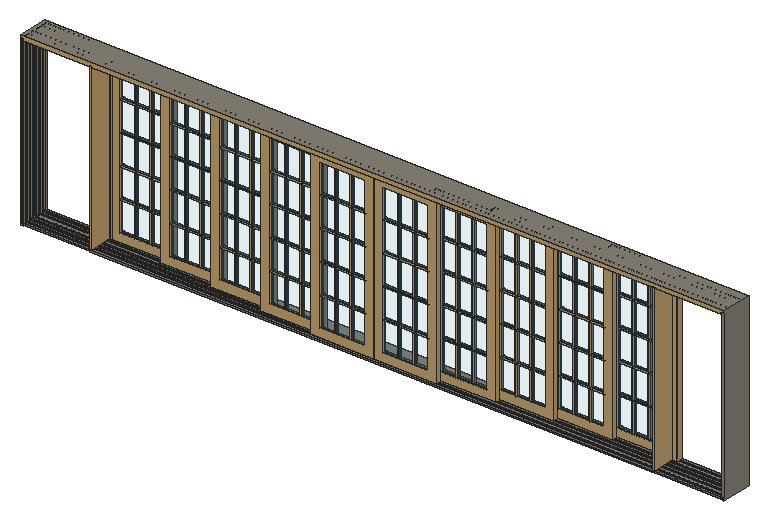
Revit family (continued)
Definition of nested family "Panel"
  Definition of nested family "Muntins"
    Forms (in)
      Extrusion 2, solid, material <- "Muntin Material", visible <- "CenterMuntinHorizontal", detail levels medium+fine
        sketch origin (-0.0013, 0, 14.6875) x (1, 0, 0) y (0, 0, 1)
          loop
            line (-12.21745, 39.25) -> (-12.21745, 38.5) -> (12.22005, 38.5) -> (12.22005, 39.25) -> (-12.21745, 39.25)
        from 0 to 0.375 <- "MuntinDepth"
      Extrusion 3, solid, material <- "Muntin Material", visible <- "VertMuntVisible", detail levels medium+fine
        sketch origin (4.92708, 0, -2.90625) x (1, 0, 0) y (0, 0, 1)
          loop
            line (-9.375, 74.25) -> (-9.375, 38.6875) -> (-8.625, 38.6875) -> (-8.625, 74.25) -> (-9.375, 74.25)
        from 0 to 0.375 <- "MuntinDepth"
      Extrusion 4, solid, material <- "Muntin Material", visible <- "HorizMuntVisible", detail levels medium+fine
        sketch origin (-3.09635, 0, 14.17708) x (1, 0, 0) y (0, 0, 1)
          loop
            line (-9.1224, 45.6875) -> (-9.1224, 44.9375) -> (15.3151, 44.9375) -> (15.3151, 45.6875) -> (-9.1224, 45.6875)
        from 0 to 0.375 <- "MuntinDepth"
      Extrusion 5, solid, material <- "Muntin Material", visible <- "HorizMuntVisible", detail levels medium+fine
        sketch origin (-3.09635, 0, 2.32292) x (1, 0, 0) y (0, 0, 1)
          loop
            line (-9.1224, 45.6875) -> (-9.1224, 44.9375) -> (15.3151, 44.9375) -> (15.3151, 45.6875) -> (-9.1224, 45.6875)
        from 0 to 0.375 <- "MuntinDepth"
      Extrusion 6, solid, material <- "Muntin Material", visible <- "VertMuntVisible", detail levels medium+fine
        sketch origin (13.07292, 0, -2.90625) x (1, 0, 0) y (0, 0, 1)
          loop
            line (-9.375, 74.25) -> (-9.375, 38.6875) -> (-8.625, 38.6875) -> (-8.625, 74.25) -> (-9.375, 74.25)
        from 0 to 0.375 <- "MuntinDepth"
      Extrusion 7, solid, material <- "Muntin Material", visible <- "PrairieMuntVisible", detail levels medium+fine
        sketch origin (1, 0, 0) x (1, 0, 0) y (0, 0, 1)
          loop
            line (-9, 71.34375) -> (-9, 35.78125) -> (-8.25, 35.78125) -> (-8.25, 71.34375) -> (-9, 71.34375)
        from 0 to 0.375 <- "MuntinDepth"
      Extrusion 8, solid, material <- "Muntin Material", visible <- "PrairieMuntVisible", detail levels medium+fine
        sketch origin (17, 0, 0) x (1, 0, 0) y (0, 0, 1)
          loop
            line (-9.75, 71.34375) -> (-9.75, 35.78125) -> (-9, 35.78125) -> (-9, 71.34375) -> (-9.75, 71.34375)
        from 0 to 0.375 <- "MuntinDepth"
      Extrusion 9, solid, material <- "Muntin Material", visible <- "PrairieMuntVisible", detail levels medium+fine
        sketch origin (-0.0013, 0, 28.25) x (1, 0, 0) y (0, 0, 1)
          loop
            line (-12.21745, 38.875) -> (-12.21745, 38.125) -> (12.22005, 38.125) -> (12.22005, 38.875) -> (-12.21745, 38.875)
        from 0 to 0.375 <- "MuntinDepth"
      Extrusion 10, solid, material <- "Muntin Material", visible <- "PrairieMuntVisible", detail levels medium+fine
        sketch origin (-0.0013, 0, 1.125) x (1, 0, 0) y (0, 0, 1)
          loop
            line (-12.21745, 39.625) -> (-12.21745, 38.875) -> (12.22005, 38.875) -> (12.22005, 39.625) -> (-12.21745, 39.625)
        from 0 to 0.375 <- "MuntinDepth"
    Cuts and joins
      joined: Extrusion 7, Extrusion 8, Extrusion 9, Extrusion 10
    Lines and regions (in)
      model lines, style "Muntins", visible <- "CenterMuntinHorizontal", detail levels coarse
        curve 1: line (-12.21875, 0, 53.5625) -> (12.21875, 0, 53.5625)
      model lines, style "Muntins", visible <- "HorizMuntVisible", detail levels coarse
        curve 2: line (-12.21875, 0, 59.48958) -> (12.21875, 0, 59.48958)
        curve 3: line (-12.21875, 0, 47.63542) -> (12.21875, 0, 47.63542)
      model lines, style "Muntins", visible <- "CenterMuntinVertical", detail levels coarse
        curve 4: line (0, 0, 71.34375) -> (0, 0, 35.78125)
      model lines, style "Muntins", visible <- "VertMuntVisible", detail levels coarse
        curve 5: line (-4.07292, 0, 71.34375) -> (-4.07292, 0, 35.78125)
        curve 6: line (4.07292, 0, 71.34375) -> (4.07292, 0, 35.78125)
      model lines, style "Muntins", visible <- "PrairieMuntVisible", detail levels coarse
        curve 7: line (-12.21875, 0, 66.75) -> (12.21875, 0, 66.75)
        curve 8: line (-12.21875, 0, 40.375) -> (12.21875, 0, 40.375)
        curve 9: line (-7.625, 0, 35.78125) -> (-7.625, 0, 71.34375)
        curve 10: line (7.625, 0, 35.78125) -> (7.625, 0, 71.34375)
    Dimensions and locks (in)
      "Inset Horiz": plane 6 to plane 7
      "Inset Horiz": plane 8 to plane 4
      equal spacing: plane 6, plane 5, plane 4
      "Height": plane 6 to plane 4
      "GlazingHeight": plane 9 to plane 10
      equal spacing: plane 9, plane 5, plane 10
      "GlazingWidth": plane 12 to plane 11
      equal spacing: plane 12, plane 3 "Center (Left/Right)", plane 11
      "MuntinWidth": Extrusion 1 sketch curve to Extrusion 1 sketch curve
      "Height": Extrusion 1 sketch curve to Extrusion 1 sketch curve
      "MuntinWidth": Extrusion 2 sketch curve to Extrusion 2 sketch curve
      "Width": Extrusion 2 sketch curve to Extrusion 2 sketch curve
      "MuntinWidth": Extrusion 3 sketch curve to Extrusion 3 sketch curve
      "Height": Extrusion 3 sketch curve to Extrusion 3 sketch curve
      "Width": plane 15 to plane 14
      equal spacing: plane 15, plane 3 "Center (Left/Right)", plane 14
      "Inset Vert": plane 13 to plane 14
      "Inset Vert": plane 15 to plane 16
      "MuntinWidth": Extrusion 4 sketch curve to Extrusion 4 sketch curve
      "Width": Extrusion 4 sketch curve to Extrusion 4 sketch curve
      "MuntinWidth": Extrusion 5 sketch curve to Extrusion 5 sketch curve
      "Width": Extrusion 5 sketch curve to Extrusion 5 sketch curve
      group 2 to group 3 = 0' - 0"  (x2)
      group 3 to group 2 = 0' - 11.85417"
      "MuntinWidth": Extrusion 6 sketch curve to Extrusion 6 sketch curve
      "Height": Extrusion 6 sketch curve to Extrusion 6 sketch curve
      group 4 to group 5 = 0' - 8.14583"
      group 4 to group 5 = 0' - 0"  (x2)
      "Prairie Corner Width": plane 19 to plane 11
      "Prairie Corner Width": plane 20 to plane 12
      "Prairie Corner Height": plane 9 to plane 17
      "Prairie Corner Height": plane 18 to plane 10
      "MuntinWidth": Extrusion 7 sketch curve to Extrusion 7 sketch curve
      "Height": Extrusion 7 sketch curve to Extrusion 7 sketch curve
      "MuntinWidth": Extrusion 8 sketch curve to Extrusion 8 sketch curve
      "Height": Extrusion 8 sketch curve to Extrusion 8 sketch curve
      "MuntinWidth": Extrusion 9 sketch curve to Extrusion 9 sketch curve
      "Width": Extrusion 9 sketch curve to Extrusion 9 sketch curve
      "MuntinWidth": Extrusion 10 sketch curve to Extrusion 10 sketch curve
      "Width": Extrusion 10 sketch curve to Extrusion 10 sketch curve
      aligned and locked: plane 6 to Extrusion 1  (x2)
      aligned and locked: Extrusion 1 to plane 4  (x3)
      aligned and locked: Extrusion 3 to plane 13  (x5)
      aligned and locked: Extrusion 3 to plane 4  (x3)
      aligned and locked: Extrusion 2 to plane 14
      aligned and locked: plane 15 to Extrusion 2
      aligned and locked: plane 6 to Extrusion 3
      aligned and locked: plane 7 to Extrusion 4
      aligned and locked: Extrusion 4 to plane 14
      aligned and locked: plane 15 to Extrusion 4
      aligned and locked: curve 1 to plane 5
      aligned and locked: plane 14 to curve 1
      aligned and locked: plane 15 to curve 1
      aligned and locked: Extrusion 5 to plane 14
      aligned and locked: Extrusion 5 to plane 8
      aligned and locked: plane 15 to Extrusion 5
      aligned and locked: Extrusion 5 to curve 3  (x2)
      aligned and locked: Extrusion 4 to curve 2  (x2)
      aligned and locked: curve 4 to plane 3 "Center (Left/Right)"
      aligned and locked: Extrusion 1 to curve 4  (x2)
      aligned and locked: Extrusion 3 to curve 5  (x2)
      aligned and locked: Extrusion 6 to curve 6  (x2)
      aligned and locked: Extrusion 6 to plane 16
      aligned and locked: plane 6 to Extrusion 6
      aligned and locked: plane 6 to curve 6
      aligned and locked: Extrusion 6 to plane 4
      aligned and locked: plane 4 to curve 6
      aligned and locked: cut or joined group of Extrusion 7, Extrusion 8, Extrusion 9, Extrusion 10 to plane 19
      aligned and locked: plane 20 to cut or joined group of Extrusion 7, Extrusion 8, Extrusion 9, Extrusion 10
      aligned and locked: plane 17 to cut or joined group of Extrusion 7, Extrusion 8, Extrusion 9, Extrusion 10
      aligned and locked: cut or joined group of Extrusion 7, Extrusion 8, Extrusion 9, Extrusion 10 to plane 18
      aligned and locked: cut or joined group of Extrusion 7, Extrusion 8, Extrusion 9, Extrusion 10 to curve 7  (x2)
      aligned and locked: cut or joined group of Extrusion 7, Extrusion 8, Extrusion 9, Extrusion 10 to curve 8  (x2)
      aligned and locked: cut or joined group of Extrusion 7, Extrusion 8, Extrusion 9, Extrusion 10 to curve 9  (x2)
      aligned and locked: cut or joined group of Extrusion 7, Extrusion 8, Extrusion 9, Extrusion 10 to curve 10  (x2)
    Automatic sketch dimensions
      Extrusion 1 sketch curve to plane 4 = 0' - 0"
      Extrusion 1 sketch curve to plane 3 "Center (Left/Right)" = 0' - 0 3/8"
      Extrusion 2 sketch curve to plane 14 = 0' - 0"
      Extrusion 2 sketch curve to plane 5 = 0' - 0 3/8"
      Extrusion 7 sketch curve to plane 4 = 0' - 0"
      Extrusion 7 sketch curve to plane 19 = 0' - 0"
      Extrusion 8 sketch curve to plane 4 = 0' - 0"
      Extrusion 8 sketch curve to plane 20 = 0' - 0 3/4"
      Extrusion 9 sketch curve to plane 14 = 0' - 0"
      Extrusion 9 sketch curve to plane 17 = 0' - 0 3/4"
      Extrusion 10 sketch curve to plane 14 = 0' - 0"
      Extrusion 10 sketch curve to plane 18 = 0' - 0"
      plane 19 to curve 9 = 0' - 0 3/8"
      curve 10 to plane 20 = 0' - 0 3/8"
      plane 18 to curve 8 = 0' - 0 3/8"
      curve 7 to plane 17 = 0' - 0 3/8"
  Definition of nested family "Sliding Arrow"
    Reference planes (in)
      plane 1 "Center (Front/Back)": y = 0
      plane 2: z = 0
      plane 3 "Center (Left/Right)": x = 0
    Lines and regions (in)
      detail lines, in view "Ref. Level"
        curve 1: line (0, 1.5, 0) -> (0, -1.5, 0)
        curve 2: line (0, 1.5, 0) -> (2.59808, 0, 0)
        curve 3: line (2.59808, 0, 0) -> (0, -1.5, 0)
Definition of nested family "Label Annotation 1-16 w5"
  Parameters
    Label = ""
    Egress Info = "EGRESS WDW"
    Description = "3664 FIXED"
  Reference planes (in)
    plane 1: y = 0
    plane 2: x = 0
  Text (in)
    label "Description" at (0.00375, -0.00345, 0), shows "Description"
Definition of nested family "Door_Section_Detail"
  Parameters (values of type "Door_Section_Detail")
    Performance Sill = yes
    Panel Height = Height - 0' 2 7/32"  # 7' - 8 1/2"
    Panel 6 = yes
    Panel 5 = yes
    Panel 4 = yes
    Panel 3 = yes
    Panel 2 = yes
    Jamb Depth = 1' - 7 61/64"
    Height = 7' - 10 23/32"
    Flush Sill = no
    Assembly Code = ""
  Reference planes (in)
    plane 1 "Bottom": y = 0
    plane 2: z = 0
    plane 3 "Center (Left/Right)": x = 0.71875
    plane 4: y = 94.71875
    plane 5: x = 19.57812
    plane 6: x = -0.375
  Dimensions and locks (in)
    "Height": plane 4 to plane 1 "Bottom"
    "Jamb Depth": plane 6 to plane 5
    locked: plane 3 "Center (Left/Right)" to nested 2 at 0.375
    locked: plane 1 "Bottom" to nested 2 at 1.21875
    locked: plane 6 to plane 3 "Center (Left/Right)" at 1.09375
    aligned and locked: nested 1 to plane 4
    aligned and locked: plane 3 "Center (Left/Right)" to nested 1
    aligned and locked: plane 3 "Center (Left/Right)" to nested 3
    aligned and locked: nested 3 to plane 1 "Bottom"
  Nested families (in)
    nested 1: "Head_Detail" at (0.71875, 94.71875, 0) x (0, 1, 0) z (0, 0, 1), type "Jamb_Detail", in view "Ref. Level"
    nested 2: "Panel_Section" at (1.09375, 1.21875, 0), type "Panel_Detail", in view "Ref. Level"
      with Height 7' - 8 1/2"
    nested 3: "Sill_Detail" at (0.71875, 0, 0) x (0, 1, 0) z (0, 0, 1), type "Sill_Detail", in view "Ref. Level"
  Definition of nested family "Head_Detail"
    Parameters (values of type "Jamb_Detail")
      Panel 6 = yes
      Panel 5 = yes
      Panel 4 = yes
      Panel 3 = yes
      Panel 2 = yes
      No Casing = not(Casing)  # no
      Jamb Depth = 1' - 7 61/64"
      Casing = yes
      Assembly Code = ""
    Reference planes (in)
      plane 1 "Center (Front/Back)": y = 0
      plane 2: z = 0
      plane 3 "Center (Left/Right)": x = 0
      plane 4: y = -3.01172
      plane 5: y = -6.02344
      plane 6: y = -9.03516
      plane 7: y = -12.04688
      plane 8: y = -15.05859
      plane 9: y = 1.09375
    Lines and regions (in)
      detail lines, style "Cut Lines", in view "Ref. Level", visible <- "No Casing"
        curve 1: line (0.14, 0, 0) -> (1.4675, 0, 0)
        curve 2: line (1.4675, 0.04499, 0) -> (0, 0.04499, 0)
        curve 3: line (1.4675, 0, 0) -> (1.4675, 0.04499, 0)
        curve 4: line (0.14, -0.11, 0) -> (0.14, 0, 0)
        curve 5: line (0, -0.11, 0) -> (0.14, -0.11, 0)
      detail lines, style "Cut Lines", in view "Ref. Level"
        curve 6: line (0, 1.0935, 0) -> (0, -18.85938, 0)
        curve 7: line (0, 1.0935, 0) -> (-0.84375, 1.0935, 0)
        curve 8: line (-0.84375, 1.0935, 0) -> (-0.84375, 0.40625, 0)
        curve 9: line (-0.84375, 0.40625, 0) -> (-1.8125, 0.40625, 0)
        curve 10: line (-1.8125, 0.40625, 0) -> (-1.8125, 0, 0)
        curve 11: line (-1.971, -18.85938, 0) -> (0, -18.85938, 0)
        curve 12: line (-1.971, -18.07813, 0) -> (-1.971, -18.85938, 0)
        curve 14: line (-1.971, -18.07813, 0) -> (-1.5, -18.07813, 0)
        curve 17: line (-1.5, -18.07813, 0) -> (-1.5, -17.82813, 0)
        curve 18: line (-1.5, -17.82813, 0) -> (-0.25, -17.82813, 0)
        curve 20: line (-1.5, 0, 0) -> (-1.8125, 0, 0)
        curve 21: line (-1.5, 0, 0) -> (-1.5, -0.25, 0)
        curve 22: line (-1.5, -0.25, 0) -> (-0.25, -0.25, 0)
        curve 35: line (-0.25, -2.74219, 0) -> (-0.25, -0.25, 0)
      detail lines, style "Cut Lines", in view "Ref. Level", visible <- "Panel 6"
        curve 13: line (-0.25, -17.82813, 0) -> (-0.25, -15.32813, 0)
        curve 15: line (-1.5, -14.78906, 0) -> (-1.5, -15.32813, 0)
        curve 16: line (-1.5, -15.32813, 0) -> (-0.25, -15.32813, 0)
        curve 19: line (-1.5, -14.78906, 0) -> (-0.25, -14.78906, 0)
      detail lines, style "Cut Lines", in view "Ref. Level", visible <- "Panel 5"
        curve 23: line (-1.5, -11.77734, 0) -> (-1.5, -12.31641, 0)
        curve 24: line (-1.5, -12.31641, 0) -> (-0.25, -12.31641, 0)
        curve 25: line (-1.5, -11.77734, 0) -> (-0.25, -11.77734, 0)
        curve 43: line (-0.25, -14.78906, 0) -> (-0.25, -12.31641, 0)
      detail lines, style "Cut Lines", in view "Ref. Level", visible <- "Panel 4"
        curve 26: line (-1.5, -8.76562, 0) -> (-1.5, -9.30469, 0)
        curve 27: line (-1.5, -9.30469, 0) -> (-0.25, -9.30469, 0)
        curve 28: line (-1.5, -8.76562, 0) -> (-0.25, -8.76562, 0)
        curve 41: line (-0.25, -11.77734, 0) -> (-0.25, -9.30469, 0)
      detail lines, style "Cut Lines", in view "Ref. Level", visible <- "Panel 3"
        curve 29: line (-1.5, -5.75391, 0) -> (-1.5, -6.29297, 0)
        curve 30: line (-1.5, -6.29297, 0) -> (-0.25, -6.29297, 0)
        curve 31: line (-1.5, -5.75391, 0) -> (-0.25, -5.75391, 0)
        curve 39: line (-0.25, -8.76562, 0) -> (-0.25, -6.29297, 0)
      detail lines, style "Cut Lines", in view "Ref. Level", visible <- "Panel 2"
        curve 32: line (-1.5, -2.74219, 0) -> (-1.5, -3.28125, 0)
        curve 33: line (-1.5, -3.28125, 0) -> (-0.25, -3.28125, 0)
        curve 34: line (-1.5, -2.74219, 0) -> (-0.25, -2.74219, 0)
        curve 37: line (-0.25, -5.75391, 0) -> (-0.25, -3.28125, 0)
      detail lines, style "InvisibleLines", in view "Ref. Level", visible <- "Panel 2"
        curve 36: line (-0.25, -3.28125, 0) -> (-0.25, -2.74219, 0)
      detail lines, style "InvisibleLines", in view "Ref. Level", visible <- "Panel 3"
        curve 38: line (-0.25, -6.29297, 0) -> (-0.25, -5.75391, 0)
      detail lines, style "InvisibleLines", in view "Ref. Level", visible <- "Panel 4"
        curve 40: line (-0.25, -9.30469, 0) -> (-0.25, -8.76562, 0)
      detail lines, style "InvisibleLines", in view "Ref. Level", visible <- "Panel 5"
        curve 42: line (-0.25, -12.31641, 0) -> (-0.25, -11.77734, 0)
      detail lines, style "InvisibleLines", in view "Ref. Level", visible <- "Panel 6"
        curve 44: line (-0.25, -15.32813, 0) -> (-0.25, -14.78906, 0)
    Dimensions and locks (in)
      "Jamb Depth": curve 11 to plane 9
      curve 11 to curve 14 to curve 18 = 0' - 0 25/32" locked, 0' - 0 1/4" locked
      locked: curve 22 to curve 20 at 0.25
      equal spacing: plane 8, plane 7, plane 6, plane 5, plane 4, plane 1 "Center (Front/Back)"
      curve 33 to plane 4 to curve 34 = 0' - 0 69/256" locked, 0' - 0 69/256" locked
      curve 30 to plane 5 to curve 31 = 0' - 0 69/256" locked, 0' - 0 69/256" locked
      curve 27 to plane 6 to curve 28 = 0' - 0 69/256" locked, 0' - 0 69/256" locked
      curve 24 to plane 7 to curve 25 = 0' - 0 69/256" locked, 0' - 0 69/256" locked
      curve 16 to plane 8 to curve 19 = 0' - 0 69/256" locked, 0' - 0 69/256" locked
      locked: plane 1 "Center (Front/Back)" to plane 9 at 1.09375
    Automatic sketch dimensions
      curve 10 to plane 1 "Center (Front/Back)" = 0' - 0"
      curve 11 to plane 3 "Center (Left/Right)" = 0' - 0"
      curve 4 to plane 1 "Center (Front/Back)" = 0' - 0"
      curve 27 to plane 3 "Center (Left/Right)" = 0' - 0 1/4"
      curve 9 to plane 1 "Center (Front/Back)" = 0' - 0 13/32"
      curve 9 to plane 3 "Center (Left/Right)" = 0' - 0 27/32"
      curve 27 to curve 27 = 0' - 1 1/4"
      curve 19 to curve 19 = 0' - 1 1/4"
      curve 17 to curve 13 = 0' - 1 1/4"
      curve 20 to curve 8 = 0' - 0 21/32"
      curve 23 to curve 24 = 0' - 1 1/4"
      curve 34 to curve 34 = 0' - 1 1/4"
      curve 31 to curve 31 = 0' - 1 1/4"
      curve 20 to curve 20 = 0' - 0 5/16"
      curve 14 to curve 14 = 0' - 0.471"
      plane 3 "Center (Left/Right)" to curve 4 = 0' - 0.14"
      curve 2 to plane 1 "Center (Front/Back)" = 0' - 0.04499"
      curve 1 to curve 2 = 0' - 1.3275"
      plane 1 "Center (Front/Back)" to curve 5 = 0' - 0.11"
      curve 2 to curve 7 = 0' - 1.04851"
  Definition of nested family "Panel_Section"
    Parameters (values of type "Panel_Detail")
      Height = 7' - 11 9/32"
      Assembly Code = ""
    Reference planes (in)
      plane 1 "Bottom": y = 0
      plane 2: z = 0
      plane 3 "Center (Left/Right)": x = 0
      plane 4: x = 2.21875
      plane 5: y = 95.28125
    Lines and regions (in)
      detail lines, style "Cut Lines", in view "Ref. Level"
        curve 1: line (0.4863, 4.07825, 0) -> (0.4863, 91.203, 0)
        curve 2: line (0.6738, 4.07825, 0) -> (0.6738, 91.203, 0)
        curve 3: line (1.2363, 91.203, 0) -> (1.2363, 4.07825, 0)
        curve 4: line (1.4238, 4.07825, 0) -> (1.4238, 91.203, 0)
    Dimensions and locks (in)
      locked: plane 3 "Center (Left/Right)" to plane 4 at 2.21875
      "Height": plane 1 "Bottom" to plane 5
      aligned and locked: nested 2 to plane 5
      aligned and locked: nested 2 to plane 3 "Center (Left/Right)"
      aligned and locked: nested 1 to plane 1 "Bottom"
      aligned and locked: plane 3 "Center (Left/Right)" to nested 1
      aligned and locked: curve 1 to nested 1  (x2)
      aligned and locked: curve 2 to nested 1
      aligned and locked: nested 1 to curve 2
      aligned and locked: nested 2 to curve 2
      aligned and locked: curve 3 to nested 2
      aligned and locked: nested 1 to curve 3
      aligned and locked: nested 2 to curve 3
      aligned and locked: nested 1 to curve 4
      aligned and locked: curve 4 to nested 1
    Automatic sketch dimensions
      curve 4 to curve 3 = 0' - 0"
      curve 1 to curve 2 = 0' - 0"
    Nested families (in)
      nested 1: "Stile_Detail" at (0, 0, 0) x (0, 1, 0) z (0, 0, 1), type "Stile_Detail", in view "Ref. Level"
      nested 2: "Stile_Detail" at (0, 95.28125, 0) x (0, -1, 0) z (0, 0, 1), type "Stile_Detail", in view "Ref. Level"
    Definition of nested family "Stile_Detail"
      Parameters (values of type "Stile_Detail")
        Assembly Code = ""
      Reference planes (in)
        plane 1 "Center (Front/Back)": y = 0
        plane 2: z = 0
        plane 3 "Center (Left/Right)": x = 0
      Lines and regions (in)
        detail lines, style "Cut Lines", in view "Ref. Level"
          curve 1: line (0, 0, 0) -> (4.48438, 0, 0)
          curve 2: line (4.73438, -2.21875, 0) -> (0, -2.21875, 0)
          curve 3: line (4.73438, -0.39904, 0) -> (4.73438, -0.4375, 0)
          curve 4: line (0, -2.21875, 0) -> (0, 0, 0)
          curve 5: line (4.48438, 0, 0) -> (4.48438, -0.14904, 0)
          curve 6: line (4.48438, -0.14904, 0) -> (4.73438, -0.39904, 0)
          curve 7: line (4, -0.4375, 0) -> (4, -1.5, 0)
          curve 8: line (4, -0.4375, 0) -> (4.73438, -0.4375, 0)
          curve 9: line (4, -1.5, 0) -> (4.73438, -1.5, 0)
          curve 10: line (4.73438, -1.5, 0) -> (4.73438, -2.21875, 0)
          curve 11: line (4.07825, -0.4863, 0) -> (4.07825, -1.4238, 0)
          curve 12: line (4.38075, -0.6738, 0) -> (4.38075, -1.2363, 0)
  Definition of nested family "Sill_Detail"
    Parameters (values of type "Sill_Detail")
      Performance Sill = yes
      Panel 6 = yes
      Panel 5 = yes
      Panel 4 = yes
      Panel 3 = yes
      Panel 2 = yes
      Jamb Depth = 1' - 7 61/64"
      Flush Sill = no
      Assembly Code = ""
    Reference planes (in)
      plane 1 "Center (Front/Back)": y = 0
      plane 2: z = 0
      plane 3 "Center (Left/Right)": x = 0
      plane 4: y = -1.50586
      plane 5: y = -4.51758
      plane 6: y = -7.5293
      plane 7: y = -10.54102
      plane 8: y = -13.55273
      plane 9: y = -16.56445
      plane 10: y = 1.09375
    Lines and regions (in)
      detail lines, style "Cut Lines", in view "Ref. Level"
        curve 1: line (0, 1.03125, 0) -> (0, -18.85938, 0)
        curve 2: line (0, 1.03125, 0) -> (0.75, 1.03125, 0)
        curve 3: line (0.75, 1.03125, 0) -> (0.75, -0.63177, 0)
        curve 10: line (0.75, -18.39063, 0) -> (0.75, -17.12695, 0)
        curve 11: line (0.75, -17.12695, 0) -> (0.25, -17.12695, 0)
        curve 13: line (0.75, -0.63177, 0) -> (0.25, -0.63177, 0)
        curve 26: line (0.25, -2.06836, 0) -> (0.25, -1.55751, 0)
        curve 37: line (0.75, -18.85938, 0) -> (0, -18.85938, 0)
        curve 38: line (0.375, -1.88086, 0) -> (0.375, -1.75586, 0)
        curve 39: line (1.21875, -0.81981, 0) -> (0.375, -0.81981, 0)
        curve 40: line (1.21875, -1.88086, 0) -> (0.375, -1.88086, 0)
        curve 41: line (0.965, -0.94481, 0) -> (0.375, -0.94481, 0)
        curve 42: line (0.965, -1.75586, 0) -> (0.965, -0.94481, 0)
        curve 43: line (0.375, -0.94481, 0) -> (0.375, -0.81981, 0)
        curve 84: line (0.25, -1.13177, 0) -> (0.375, -1.13177, 0)
        curve 85: line (0.25, -1.55751, 0) -> (0.375, -1.55751, 0)
        curve 86: line (0.25, -1.13177, 0) -> (0.25, -0.63177, 0)
        curve 87: line (0.965, -1.75586, 0) -> (0.375, -1.75586, 0)
        curve 88: line (0.375, -1.00877, 0) -> (0.965, -0.94481, 0)
        curve 89: line (0.375, -1.00877, 0) -> (0.375, -1.68052, 0)
        curve 90: line (0.375, -1.68052, 0) -> (0.965, -1.74447, 0)
        curve 91: line (0.965, -1.01515, 0) -> (0.46875, -1.0929, 0)
        curve 92: line (0.46875, -1.59638, 0) -> (0.965, -1.67498, 0)
        curve 93: line (0.46875, -1.0929, 0) -> (0.46875, -1.59638, 0)
      detail lines, style "Cut Lines", in view "Ref. Level", visible <- "Performance Sill"
        curve 4: line (1.8125, -18.85938, 0) -> (0.75, -18.85938, 0)
        curve 5: line (1.8125, -18.39063, 0) -> (1.8125, -18.85938, 0)
        curve 7: line (1.8125, -18.39063, 0) -> (0.75, -18.39063, 0)
      detail lines, style "Cut Lines", in view "Ref. Level", visible <- "Panel 6"
        curve 6: line (0.25, -17.12695, 0) -> (0.25, -15.68945, 0)
        curve 8: line (0.75, -14.11523, 0) -> (0.75, -15.68945, 0)
        curve 9: line (0.75, -15.68945, 0) -> (0.25, -15.68945, 0)
        curve 12: line (0.75, -14.11523, 0) -> (0.25, -14.11523, 0)
        curve 44: line (0.65964, -16.3457, 0) -> (0.455, -16.3457, 0)
        curve 45: line (0.65964, -16.56445, 0) -> (0.455, -16.56445, 0)
        curve 46: line (0.65964, -16.3457, 0) -> (0.65964, -16.56445, 0)
        curve 47: line (0.455, -16.56445, 0) -> (0.37044, -16.7207, 0)
        curve 48: line (0.37044, -16.7207, 0) -> (0.25, -16.7207, 0)
        curve 49: line (0.455, -16.3457, 0) -> (0.37044, -16.18945, 0)
        curve 50: line (0.37044, -16.18945, 0) -> (0.25, -16.18945, 0)
        curve 51: line (0.25, -16.18945, 0) -> (0.25, -16.7207, 0)
      detail lines, style "Cut Lines", in view "Ref. Level", visible <- "Panel 5"
        curve 14: line (0.75, -11.10352, 0) -> (0.75, -12.67773, 0)
        curve 15: line (0.75, -12.67773, 0) -> (0.25, -12.67773, 0)
        curve 16: line (0.75, -11.10352, 0) -> (0.25, -11.10352, 0)
        curve 34: line (0.25, -14.11523, 0) -> (0.25, -12.67773, 0)
        curve 52: line (0.65964, -13.33398, 0) -> (0.455, -13.33398, 0)
        curve 53: line (0.65964, -13.55273, 0) -> (0.455, -13.55273, 0)
        curve 54: line (0.65964, -13.33398, 0) -> (0.65964, -13.55273, 0)
        curve 55: line (0.455, -13.55273, 0) -> (0.37044, -13.70898, 0)
        curve 56: line (0.37044, -13.70898, 0) -> (0.25, -13.70898, 0)
        curve 57: line (0.455, -13.33398, 0) -> (0.37044, -13.17773, 0)
        curve 58: line (0.37044, -13.17773, 0) -> (0.25, -13.17773, 0)
        curve 59: line (0.25, -13.17773, 0) -> (0.25, -13.70898, 0)
      detail lines, style "Cut Lines", in view "Ref. Level", visible <- "Panel 4"
        curve 17: line (0.75, -8.0918, 0) -> (0.75, -9.66602, 0)
        curve 18: line (0.75, -9.66602, 0) -> (0.25, -9.66602, 0)
        curve 19: line (0.75, -8.0918, 0) -> (0.25, -8.0918, 0)
        curve 32: line (0.25, -11.10352, 0) -> (0.25, -9.66602, 0)
        curve 60: line (0.65964, -10.32227, 0) -> (0.455, -10.32227, 0)
        curve 61: line (0.65964, -10.54102, 0) -> (0.455, -10.54102, 0)
        curve 62: line (0.65964, -10.32227, 0) -> (0.65964, -10.54102, 0)
        curve 63: line (0.455, -10.54102, 0) -> (0.37044, -10.69727, 0)
        curve 64: line (0.37044, -10.69727, 0) -> (0.25, -10.69727, 0)
        curve 65: line (0.455, -10.32227, 0) -> (0.37044, -10.16602, 0)
        curve 66: line (0.37044, -10.16602, 0) -> (0.25, -10.16602, 0)
        curve 67: line (0.25, -10.16602, 0) -> (0.25, -10.69727, 0)
      detail lines, style "Cut Lines", in view "Ref. Level", visible <- "Panel 3"
        curve 20: line (0.75, -5.08008, 0) -> (0.75, -6.6543, 0)
        curve 21: line (0.75, -6.6543, 0) -> (0.25, -6.6543, 0)
        curve 22: line (0.75, -5.08008, 0) -> (0.25, -5.08008, 0)
        curve 30: line (0.25, -8.0918, 0) -> (0.25, -6.6543, 0)
        curve 68: line (0.65964, -7.31055, 0) -> (0.455, -7.31055, 0)
        curve 69: line (0.65964, -7.5293, 0) -> (0.455, -7.5293, 0)
        curve 70: line (0.65964, -7.31055, 0) -> (0.65964, -7.5293, 0)
        curve 71: line (0.455, -7.5293, 0) -> (0.37044, -7.68555, 0)
        curve 72: line (0.37044, -7.68555, 0) -> (0.25, -7.68555, 0)
        curve 73: line (0.455, -7.31055, 0) -> (0.37044, -7.1543, 0)
        curve 74: line (0.37044, -7.1543, 0) -> (0.25, -7.1543, 0)
        curve 75: line (0.25, -7.1543, 0) -> (0.25, -7.68555, 0)
      detail lines, style "Cut Lines", in view "Ref. Level", visible <- "Panel 2"
        curve 23: line (0.75, -2.06836, 0) -> (0.75, -3.64258, 0)
        curve 24: line (0.75, -3.64258, 0) -> (0.25, -3.64258, 0)
        curve 25: line (0.75, -2.06836, 0) -> (0.25, -2.06836, 0)
        curve 28: line (0.25, -5.08008, 0) -> (0.25, -3.64258, 0)
        curve 76: line (0.65964, -4.29883, 0) -> (0.455, -4.29883, 0)
        curve 77: line (0.65964, -4.51758, 0) -> (0.455, -4.51758, 0)
        curve 78: line (0.65964, -4.29883, 0) -> (0.65964, -4.51758, 0)
        curve 79: line (0.455, -4.51758, 0) -> (0.37044, -4.67383, 0)
        curve 80: line (0.37044, -4.67383, 0) -> (0.25, -4.67383, 0)
        curve 81: line (0.455, -4.29883, 0) -> (0.37044, -4.14258, 0)
        curve 82: line (0.37044, -4.14258, 0) -> (0.25, -4.14258, 0)
        curve 83: line (0.25, -4.14258, 0) -> (0.25, -4.67383, 0)
      detail lines, style "InvisibleLines", in view "Ref. Level", visible <- "Panel 2"
        curve 27: line (0.25, -3.64258, 0) -> (0.25, -2.06836, 0)
      detail lines, style "InvisibleLines", in view "Ref. Level", visible <- "Panel 3"
        curve 29: line (0.25, -6.6543, 0) -> (0.25, -5.08008, 0)
      detail lines, style "InvisibleLines", in view "Ref. Level", visible <- "Panel 4"
        curve 31: line (0.25, -9.66602, 0) -> (0.25, -8.0918, 0)
      detail lines, style "InvisibleLines", in view "Ref. Level", visible <- "Panel 5"
        curve 33: line (0.25, -12.67773, 0) -> (0.25, -11.10352, 0)
      detail lines, style "InvisibleLines", in view "Ref. Level", visible <- "Panel 6"
        curve 35: line (0.25, -15.68945, 0) -> (0.25, -14.11523, 0)
      detail lines, style "Cut Lines", in view "Ref. Level", visible <- "Flush Sill"
        curve 36: line (0.75, -18.39063, 0) -> (0.75, -18.85938, 0)
    Dimensions and locks (in)
      "Jamb Depth": curve 37 to plane 10
      plane 9 to plane 8 to plane 7 to plane 6 to plane 5 to plane 4 to plane 1 "Center (Front/Back)" = 0' - 3 3/256" locked, 0' - 3 3/256" locked, 0' - 3 3/256" locked, 0' - 3 3/256" locked, 0' - 3 3/256" locked, 0' - 1.50586" locked
      locked: plane 1 "Center (Front/Back)" to curve 2 at 1.03125
      curve 25 to plane 4 to curve 13 = 0' - 0 9/16" locked, 0' - 0.87409" locked
      curve 24 to plane 5 to curve 22 = 0' - 0 7/8" locked, 0' - 0 9/16" locked
      curve 21 to plane 6 to curve 19 = 0' - 0 7/8" locked, 0' - 0 9/16" locked
      curve 18 to plane 7 to curve 16 = 0' - 0 7/8" locked, 0' - 0 9/16" locked
      curve 15 to plane 8 to curve 12 = 0' - 0 7/8" locked, 0' - 0 9/16" locked
      locked: curve 9 to plane 9 at 0.875
      curve 11 to curve 7 to curve 37 = 0' - 1.26367" locked, 0' - 0 15/32" locked
      locked: plane 3 "Center (Left/Right)" to curve 5 at 1.8125
      locked: plane 3 "Center (Left/Right)" to curve 3 at 0.75
      curve 58 to plane 8 to curve 56 = 0' - 0 3/8" locked, 0' - 0 5/32" locked
      curve 66 to plane 7 to curve 64 = 0' - 0 3/8" locked, 0' - 0 5/32" locked
      curve 74 to plane 6 to curve 72 = 0' - 0 3/8" locked, 0' - 0 5/32" locked
      curve 82 to plane 5 to curve 80 = 0' - 0 3/8" locked, 0' - 0 5/32" locked
      curve 50 to plane 9 to curve 48 = 0' - 0 3/8" locked, 0' - 0 5/32" locked
      locked: plane 1 "Center (Front/Back)" to plane 10 at 1.09375
      aligned and locked: curve 3 to curve 23
      aligned and locked: curve 3 to curve 20
      aligned and locked: curve 3 to curve 17
      aligned and locked: curve 3 to curve 14
      aligned and locked: curve 3 to curve 8
      aligned and locked: curve 10 to curve 3
    Automatic sketch dimensions
      curve 1 to plane 3 "Center (Left/Right)" = 0' - 0"
      curve 63 to plane 7 = 0' - 0"
      curve 47 to plane 9 = 0' - 0"
      curve 53 to plane 8 = 0' - 0"
      curve 79 to plane 5 = 0' - 0"
      curve 69 to plane 6 = 0' - 0"
      plane 3 "Center (Left/Right)" to curve 86 = 0' - 0 1/4"
      plane 4 to curve 85 = 0' - 0.05165"
      plane 3 "Center (Left/Right)" to curve 85 = 0' - 0 1/4"
      plane 3 "Center (Left/Right)" to curve 83 = 0' - 0 1/4"
      curve 51 to curve 50 = 0' - 0"
      plane 3 "Center (Left/Right)" to curve 75 = 0' - 0 1/4"
      plane 3 "Center (Left/Right)" to curve 56 = 0' - 0 1/4"
      plane 3 "Center (Left/Right)" to curve 67 = 0' - 0 1/4"
      curve 58 to curve 57 = 0' - 0.12044"
      curve 64 to curve 64 = 0' - 0.12044"
      curve 66 to curve 65 = 0' - 0.12044"
      curve 72 to curve 71 = 0' - 0.12044"
      curve 74 to curve 73 = 0' - 0.12044"
      curve 56 to curve 56 = 0' - 0.12044"
      curve 80 to curve 79 = 0' - 0.12044"
      curve 82 to curve 81 = 0' - 0.12044"
      curve 50 to curve 50 = 0' - 0.12044"
      curve 48 to curve 48 = 0' - 0.12044"
      curve 84 to curve 89 = 0' - 0 1/8"
      curve 43 to curve 88 = 0' - 0"
      curve 87 to curve 89 = 0' - 0"
      plane 9 to curve 49 = 0' - 0 7/32"
      curve 49 to curve 49 = 0' - 0.08456"
      curve 63 to curve 63 = 0' - 0.08456"
      curve 47 to curve 47 = 0' - 0.08456"
      plane 7 to curve 65 = 0' - 0 7/32"
      curve 65 to curve 65 = 0' - 0.08456"
      curve 81 to curve 76 = 0' - 0.08456"
      curve 57 to curve 52 = 0' - 0.08456"
      curve 55 to curve 53 = 0' - 0.08456"
      curve 79 to curve 79 = 0' - 0.08456"
      curve 73 to plane 6 = 0' - 0 7/32"
      curve 73 to curve 73 = 0' - 0.08456"
      curve 71 to curve 69 = 0' - 0.08456"
      plane 4 to curve 92 = 0' - 0.09052"
      curve 85 to curve 92 = 0' - 0 3/32"
      curve 61 to curve 61 = 0' - 0.20464"
      curve 52 to curve 52 = 0' - 0.20464"
      curve 77 to curve 78 = 0' - 0.20464"
      curve 45 to curve 46 = 0' - 0.20464"
      curve 68 to curve 68 = 0' - 0.20464"
      plane 4 to curve 92 = 0' - 0.16912"
      curve 23 to curve 92 = 0' - 0.215"
      curve 42 to curve 40 = 0' - 0.25375"
      curve 41 to curve 39 = 0' - 0.25375"
      curve 52 to plane 8 = 0' - 0 7/32"
      curve 81 to curve 81 = 0' - 0 5/32"
      curve 40 to curve 92 = 0' - 0.20588"
      curve 87 to curve 92 = 0' - 0.08088"
      curve 42 to curve 90 = 0' - 0.01139"
      curve 38 to curve 90 = 0' - 0.07534"
      curve 84 to plane 4 = 0' - 0.37409"
      curve 84 to curve 93 = 0' - 0.03887"
      curve 91 to curve 3 = 0' - 0.38338"
      curve 84 to curve 89 = 0' - 0.123"
      curve 91 to curve 88 = 0' - 0.07034"
      curve 41 to curve 39 = 0' - 0 1/8"
Definition of nested family "Door_Plan_Detail"
  Parameters (values of type "Door_Plan_Detail")
    Width = 32' - 8 15/16"
    W1 = 26' - 2 27/32"
    Stile Overlap = 0' - 4 47/64"
    Panel Width = 2' - 11 17/256"
    Panel 6 = no
    Panel 5 = yes
    Panel 4 = yes
    Panel 3 = yes
    Panel 2 = yes
    Number of Panels = 5
    Jamb Depth = 1' - 4 15/16"
    Assembly Code = ""
  Reference planes (in)
    plane 1: z = 0
    plane 2 "Center (Left/Right)": x = 92.92188
    plane 3: x = -65
    plane 4: y = -18.85937
    plane 5: x = -63.57812
    plane 6: x = 1.82031
    plane 7: x = -2.91406
    plane 8: x = -28.51172
    plane 9: x = -33.24609
    plane 10: x = 32.15234
    plane 11: y = -3.39062
    plane 12: y = -6.41016
    plane 13: y = -9.42969
    plane 14: y = -12.44922
    plane 15: x = 27.41797
    plane 16: x = 57.75
    plane 17: x = 62.48438
    plane 18: y = -15.47266
    plane 19: x = -103.54687
    plane 20: y = -1.92187
    plane 21: x = -65.5
    plane 22: x = -64.5
    plane 23: x = 250.84375
    plane 24: x = 249.42188
    plane 25: x = 184.02344
    plane 26: x = 188.75781
    plane 27: x = 214.35547
    plane 28: x = 97.76302
    plane 29: x = 219.08984
    plane 30: x = 153.69141
    plane 31: x = 158.42578
    plane 32: x = 128.09375
    plane 33: x = 123.35938
    plane 34: x = 289.39063
    plane 35: x = 251.34375
    plane 36: x = 250.34375
  Lines and regions (in)
    Masking region 1, in view "Ref. Level"
      outline origin (0, 0, 0) x (1, 0, 0) y (0, 1, 0)
        loop
          line (-103.54687, -1.92187) -> (-103.54687, -18.85913) -> (289.39063, -18.85913) -> (289.39063, -1.92187) -> (-103.54687, -1.92187)
  Dimensions and locks (in)
    "W1": plane 22 to plane 36
    locked: plane 3 to plane 5 at 1.42187
    "Stile Overlap": plane 7 to plane 6
    "Stile Overlap": plane 9 to plane 8
    "Panel Width": plane 5 to plane 8
    "Panel Width": plane 9 to plane 6
    "Panel Width": plane 7 to plane 10
    locked: plane 14 to plane 13 at 3.01953
    locked: plane 13 to plane 12 at 3.01953
    locked: plane 12 to plane 11 at 3.01953
    "Stile Overlap": plane 17 to plane 16
    "Panel Width": plane 15 to plane 17
    locked: plane 4 to plane 18 at 3.38672
    "Stile Overlap": plane 15 to plane 10
    locked: plane 11 to plane 20 at 1.46875
    "Jamb Depth": plane 4 to plane 20
    locked: plane 21 to plane 3 at 0.5
    "Width": plane 19 to plane 34
    locked: plane 22 to plane 5 at 0.92188
    locked: plane 23 to plane 24 at 1.42187
    "Stile Overlap": plane 26 to plane 25
    "Stile Overlap": plane 29 to plane 27
    "Panel Width": plane 24 to plane 27
    "Panel Width": plane 29 to plane 25
    "Panel Width": plane 26 to plane 30
    plane 32 to plane 28 = 2' - 6.33073"
    "Stile Overlap": plane 33 to plane 32
    "Panel Width": plane 31 to plane 33
    "Stile Overlap": plane 31 to plane 30
    locked: plane 35 to plane 23 at 0.5
    locked: plane 36 to plane 24 at 0.92188
    equal spacing: plane 22, plane 2 "Center (Left/Right)", plane 36
    equal spacing: plane 19, plane 2 "Center (Left/Right)", plane 34
    aligned and locked: plane 3 to nested 1
    aligned and locked: plane 5 to nested 2
    aligned and locked: plane 11 to nested 2
    aligned and locked: plane 12 to nested 3
    aligned and locked: plane 9 to nested 3
    aligned and locked: plane 7 to nested 4
    aligned and locked: plane 13 to nested 4
    aligned and locked: plane 15 to nested 5
    aligned and locked: plane 14 to nested 5
    aligned and locked: nested 6 to plane 16
    aligned and locked: nested 7 to plane 19
    aligned and locked: plane 20 to nested 7
    aligned and locked: plane 20 to nested 1
    aligned and locked: plane 20 to Masking region 1 sketch curve
    aligned and locked: Masking region 1 sketch curve to plane 19
    aligned and locked: nested 8 to plane 23
    aligned and locked: nested 9 to plane 24
    aligned and locked: nested 10 to plane 29
    aligned and locked: nested 11 to plane 26
    aligned and locked: nested 12 to plane 31
    aligned and locked: plane 32 to nested 13
    aligned and locked: nested 14 to plane 34
    aligned and locked: Masking region 1 sketch curve to plane 34
    aligned and locked: nested 9 to plane 11
    aligned and locked: nested 10 to plane 12
    aligned and locked: nested 11 to plane 13
    aligned and locked: nested 12 to plane 14
    aligned and locked: plane 18 to nested 6
    aligned and locked: nested 13 to plane 18
    aligned and locked: nested 14 to plane 20
    aligned and locked: nested 8 to plane 20
  Automatic sketch dimensions
    Masking region 1 sketch curve to plane 4 = 0' - 0.00025"
  Nested families (in)
    nested 1: "Pocket_Detail" at (-65, -3.01563, 0), type "Jamb_Detail", in view "Ref. Level"
      with Pocket Depth 1' - 4 15/16"
    nested 2: "Panel_Detail" at (-46.04492, -3.39063, 0), type "Panel", in view "Ref. Level"
      with Stile End Line no, Meeting Flange no, Width 2' - 11 17/256"
    nested 3: "Panel_Detail" at (-15.71289, -6.41016, 0), visible <- "Panel 2", type "Panel", in view "Ref. Level"
      with Meeting Flange yes, Width 2' - 11 17/256"
    nested 4: "Panel_Detail" at (14.61914, -9.42969, 0), visible <- "Panel 3", type "Panel", in view "Ref. Level"
      with Meeting Flange yes, Width 2' - 11 17/256"
    nested 5: "Panel_Detail" at (44.95117, -12.44922, 0), visible <- "Panel 4", type "Panel", in view "Ref. Level"
      with Meeting Flange yes, Width 2' - 11 17/256"
    nested 6: "Panel_Detail" at (75.2832, -15.47266, 0), visible <- "Panel 5", type "Panel", in view "Ref. Level"
      with Meeting Flange yes, Width 2' - 11 17/256"
    nested 7: "Jamb_Detail_Pocket" at (-103.54687, -3.01538, 0) x (-1, 0, 0) z (0, 0, 1), type "Jamb_Detail", in view "Ref. Level"
      with Panel 6 no, Pocket Depth 1' - 4 15/16"
    nested 8: "Pocket_Detail" at (250.84375, -3.01538, 0) x (-1, 0, 0) z (0, 0, 1), type "Jamb_Detail", in view "Ref. Level"
      with Pocket Depth 1' - 4 15/16"
    nested 9: "Panel_Detail" at (231.88867, -3.39063, 0) x (-1, 0, 0) z (0, 0, 1), type "Panel", in view "Ref. Level"
      with Stile End Line no, Meeting Flange no, Width 2' - 11 17/256"
    nested 10: "Panel_Detail" at (201.55664, -6.41016, 0) x (-1, 0, 0) z (0, 0, 1), visible <- "Panel 2", type "Panel", in view "Ref. Level"
      with Meeting Flange yes, Width 2' - 11 17/256"
    nested 11: "Panel_Detail" at (171.22461, -9.42969, 0) x (-1, 0, 0) z (0, 0, 1), visible <- "Panel 3", type "Panel", in view "Ref. Level"
      with Meeting Flange yes, Width 2' - 11 17/256"
    nested 12: "Panel_Detail" at (140.89258, -12.44922, 0) x (-1, 0, 0) z (0, 0, 1), visible <- "Panel 4", type "Panel", in view "Ref. Level"
      with Meeting Flange yes, Width 2' - 11 17/256"
    nested 13: "Panel_Detail" at (110.56055, -15.47266, 0) x (-1, 0, 0) z (0, 0, 1), visible <- "Panel 5", type "Panel", in view "Ref. Level"
      with Meeting Flange yes, Width 2' - 11 17/256"
    nested 14: "Jamb_Detail_Pocket" at (289.39063, -3.01538, 0), type "Jamb_Detail", in view "Ref. Level"
      with Panel 6 no, Pocket Depth 1' - 4 15/16"
  Definition of nested family "Pocket_Detail"
    Parameters (values of type "Jamb_Detail")
      Pocket Depth = 1' - 7 61/64"
      Assembly Code = ""
    Reference planes (in)
      plane 1: z = 0
      plane 2 "Center (Left/Right)": x = 0
      plane 3: y = 1.09375
      plane 4: y = -18.85938
      plane 5: y = 0
    Lines and regions (in)
      detail lines, style "Cut Lines", in view "Ref. Level", detail levels fine
        curve 1: line (0.42092, 1.031, 0) -> (-1.4675, 1.031, 0)
        curve 2: line (-1.4675, 1.0935, 0) -> (0, 1.0935, 0)
        curve 3: line (-1.4675, 1.031, 0) -> (-1.4675, 1.0935, 0)
        curve 4: line (0.10925, -3.625, 0) -> (0.10925, -18.85938, 0)
        curve 5: line (0.0625, 1.0935, 0) -> (1.31425, 1.0935, 0)
        curve 6: line (1.31425, 1.0935, 0) -> (1.31425, 0.4375, 0)
        curve 7: line (1.31425, 0.4375, 0) -> (2.283, 0.4375, 0)
        curve 8: line (2.283, 0.4375, 0) -> (2.283, 0, 0)
        curve 9: line (1.908, 0, 0) -> (2.283, 0, 0)
        curve 10: line (1.203, -18.85938, 0) -> (0.10925, -18.85938, 0)
        curve 11: line (1.908, 0, 0) -> (1.908, -0.25, 0)
        curve 12: line (0.64165, -0.192, 0) -> (0.801, -0.25, 0)
        curve 13: line (1.908, -0.25, 0) -> (0.801, -0.25, 0)
        curve 14: line (1.203, -3.625, 0) -> (1.203, -18.85938, 0)
        curve 15: line (0.17188, -2.59879, 0) -> (1.70375, -2.59879, 0)
        curve 21: line (-2.40625, 0.15121, 0) -> (-2.40625, -3.625, 0)
        curve 22: line (-0.30031, 0.15121, 0) -> (-2.40625, 0.15121, 0)
        curve 23: line (-0.30031, 0.15121, 0) -> (-0.24561, 0.22934, 0)
        curve 24: line (0.25, 0.22934, 0) -> (-0.24561, 0.22934, 0)
        curve 25: line (0.25, 0.22934, 0) -> (0.25, 0.18849, 0)
        curve 26: line (0.13637, 0.02621, 0) -> (0.25, 0.18849, 0)
        curve 27: line (-0.59375, 0.02621, 0) -> (0.13637, 0.02621, 0)
        curve 28: line (-0.59375, -0.38004, 0) -> (-0.59375, 0.02621, 0)
        curve 29: line (0.42092, 0.32362, 0) -> (0.42092, 1.031, 0)
        curve 30: line (0.42092, 0.32362, 0) -> (0.17985, -0.02066, 0)
        curve 31: line (0.17985, -0.02066, 0) -> (-0.46142, -0.02066, 0)
        curve 32: line (-0.46142, -0.02066, 0) -> (-0.51562, -0.04594, 0)
        curve 33: line (-0.51562, -0.04594, 0) -> (-0.51562, -0.13004, 0)
        curve 34: line (-0.51562, -0.13004, 0) -> (0.64165, -0.13004, 0)
        curve 35: line (-2.40625, -3.625, 0) -> (0.10925, -3.625, 0)
        curve 36: line (1.42188, -0.38004, 0) -> (-0.59375, -0.38004, 0)
        curve 37: line (0.64165, -0.192, 0) -> (0.64165, -0.13004, 0)
        curve 38: line (0.17188, -2.59879, 0) -> (0.17188, -0.38004, 0)
        curve 39: line (1.70375, -2.59879, 0) -> (1.70375, -3.22381, 0)
        curve 40: line (1.203, -3.625, 0) -> (1.30256, -3.625, 0)
        curve 41: line (1.70375, -3.22381, 0) -> (1.30256, -3.625, 0)
        curve 42: line (0, 2.8435, 0) -> (0, 1.0935, 0)
        curve 43: line (0.0625, 2.8435, 0) -> (0.0625, 1.0935, 0)
        curve 44: line (0, 2.8435, 0) -> (0.0625, 2.8435, 0)
      detail lines, style "Frame Cut", in view "Ref. Level", detail levels coarse+medium
        curve 16: line (0, 1.0935, 0) -> (0, 0.15121, 0)
        curve 17: line (0.10925, -18.85938, 0) -> (1.203, -18.85938, 0)
        curve 18: line (1.203, -18.85938, 0) -> (1.203, -3.625, 0)
        curve 19: line (0, 1.0935, 0) -> (2.283, 1.0935, 0)
        curve 20: line (2.283, -0.38004, 0) -> (2.283, 1.0935, 0)
        curve 45: line (-2.40625, 0.15121, 0) -> (-2.40625, -3.625, 0)
        curve 46: line (-2.40625, -3.625, 0) -> (0.10925, -3.625, 0)
        curve 47: line (-2.40625, 0.15121, 0) -> (0, 0.15121, 0)
        curve 48: line (2.283, -0.38004, 0) -> (0.17188, -0.38004, 0)
        curve 49: line (0.10925, -3.625, 0) -> (0.10925, -18.85938, 0)
        curve 50: line (0.17188, -2.59879, 0) -> (1.70375, -2.59879, 0)
        curve 51: line (0.17188, -0.38004, 0) -> (0.17188, -2.59879, 0)
        curve 52: line (1.70375, -2.59879, 0) -> (1.70375, -3.625, 0)
        curve 53: line (1.203, -3.625, 0) -> (1.70375, -3.625, 0)
    Dimensions and locks (in)
      "Pocket Depth": plane 4 to plane 3
      locked: plane 5 to plane 3 at 1.09375
      aligned and locked: plane 4 to curve 17
      aligned and locked: curve 46 to curve 40
      aligned and locked: curve 47 to curve 22
      aligned and locked: curve 20 to curve 8
      aligned and locked: curve 16 to plane 2 "Center (Left/Right)"
      aligned and locked: curve 51 to curve 38
    Automatic sketch dimensions
      curve 11 to plane 5 = 0' - 0"
      curve 24 to plane 2 "Center (Left/Right)" = 0' - 0.24561"
      curve 22 to curve 23 = 0' - 0 7/128"
      plane 5 to curve 31 = 0' - 0.02066"
      curve 31 to curve 22 = 0' - 0.16111"
      curve 33 to curve 31 = 0' - 0.05421"
      curve 27 to plane 5 = 0' - 0.02621"
      curve 27 to curve 32 = 0' - 0 5/64"
      plane 3 to curve 3 = 0' - 0.00025"
      curve 3 to curve 27 = 0' - 0.87375"
      curve 47 to plane 5 = 0' - 0.15121"
      curve 47 to curve 1 = 0' - 0.93875"
      plane 2 "Center (Left/Right)" to curve 43 = 0' - 0 1/16"
      plane 2 "Center (Left/Right)" to curve 17 = 0' - 0.10925"
      plane 2 "Center (Left/Right)" to curve 26 = 0' - 0.13637"
      plane 2 "Center (Left/Right)" to curve 51 = 0' - 0 11/64"
      curve 26 to curve 30 = 0' - 0.04348"
      curve 26 to curve 26 = 0' - 0.11363"
      plane 3 to curve 29 = 0' - 0.06275"
      curve 5 to curve 29 = 0' - 0.35842"
      plane 5 to curve 12 = 0' - 0.192"
      curve 30 to curve 12 = 0' - 0.4618"
      curve 12 to curve 13 = 0' - 0.15935"
      curve 4 to curve 18 = 0' - 1 3/32"
      curve 53 to curve 41 = 0' - 0.09956"
      plane 3 to curve 6 = 0' - 0.00025"
      curve 1 to curve 6 = 0' - 0.89333"
      curve 12 to curve 36 = 0' - 0.62088"
      curve 36 to curve 11 = 0' - 0.48613"
      curve 9 to curve 8 = 0' - 0 3/8"
      curve 40 to curve 12 = 0' - 3.433"
      curve 52 to curve 39 = 0' - 0.40119"
      curve 4 to curve 51 = 0' - 1.02621"
      plane 5 to curve 48 = 0' - 0.38004"
      plane 5 to curve 36 = 0' - 0.38004"
      plane 5 to curve 13 = 0' - 0 1/4"
      curve 12 to curve 37 = 0' - 0.06196"
      plane 5 to curve 32 = 0' - 0.04594"
      curve 25 to plane 5 = 0' - 0.18849"
      curve 25 to curve 25 = 0' - 0.04085"
      curve 24 to curve 29 = 0' - 0.09428"
      curve 8 to curve 7 = 0' - 0 7/16"
      curve 43 to plane 3 = 0' - 1.74975"
      curve 40 to curve 39 = 0' - 0.40119"
  Definition of nested family "Panel_Detail"
    Parameters (values of type "Panel")
      Width = 4' - 2 19/128"
      Stile End Line [instance] = yes
      Meeting Flange [instance] = yes
      Assembly Code = ""
    Types (2): name
      Panel
      Panel_Cntpry
    Reference planes (in)
      plane 1 "Center (Front/Back)": y = 0
      plane 2: z = 0
      plane 3 "Center (Left/Right)": x = 0
      plane 4: x = -25.07422
      plane 5: x = 25.07422
    Lines and regions (in)
      detail lines, style "Cut Lines", in view "Ref. Level", detail levels fine
        curve 1: line (-20.99597, -0.4863, 0) -> (20.99597, -0.4863, 0)
        curve 2: line (-20.99597, -0.6738, 0) -> (20.99597, -0.6738, 0)
        curve 3: line (-20.99597, -1.2363, 0) -> (20.99597, -1.2363, 0)
        curve 4: line (-20.99597, -1.4238, 0) -> (20.99597, -1.4238, 0)
      detail lines, style "Cut Lines", in view "Ref. Level", visible <- "Meeting Flange", detail levels fine
        curve 5: line (-22.37453, 0.53125, 0) -> (-24.48047, 0.53125, 0)
        curve 6: line (-24.48047, 0.53125, 0) -> (-24.48047, 0, 0)
        curve 7: line (-22.66797, 0, 0) -> (-22.66797, 0.40625, 0)
        curve 8: line (-22.66797, 0.40625, 0) -> (-21.93785, 0.40625, 0)
        curve 9: line (-22.58984, 0.25, 0) -> (-20.33984, 0.25, 0)
        curve 10: line (-21.6533, 0.64917, 0) -> (-21.85622, 0.35937, 0)
        curve 11: line (-20.33984, 0.25, 0) -> (-20.33984, 0.80078, 0)
        curve 12: line (-21.93785, 0.40625, 0) -> (-21.82422, 0.56853, 0)
        curve 13: line (-21.82422, 0.60937, 0) -> (-22.31983, 0.60938, 0)
        curve 14: line (-21.82422, 0.60937, 0) -> (-21.82422, 0.56853, 0)
        curve 15: line (-21.85622, 0.35937, 0) -> (-22.53564, 0.35938, 0)
        curve 16: line (-22.53564, 0.35938, 0) -> (-22.58984, 0.3341, 0)
        curve 17: line (-22.58984, 0.3341, 0) -> (-22.58984, 0.25, 0)
        curve 18: line (-21.6533, 0.64917, 0) -> (-21.6533, 0.80078, 0)
        curve 19: line (-22.37453, 0.53125, 0) -> (-22.31983, 0.60938, 0)
      detail lines, style "Panel Cut", in view "Ref. Level", visible <- "Stile End Line", detail levels coarse+medium
        curve 20: line (-25.07422, -2.21875, 0) -> (-25.07422, 0, 0)
      detail lines, style "Panel Cut", in view "Ref. Level", detail levels coarse+medium
        curve 21: line (-25.07422, 0, 0) -> (-20.33984, 0, 0)
        curve 22: line (-20.33984, 0, 0) -> (-20.33984, -2.21875, 0)
        curve 23: line (-20.33984, -2.21875, 0) -> (-25.07422, -2.21875, 0)
        curve 24: line (20.33984, 0, 0) -> (20.33984, -2.21875, 0)
        curve 25: line (20.33984, -2.21875, 0) -> (25.07422, -2.21875, 0)
        curve 26: line (25.07422, -2.21875, 0) -> (25.07422, 0, 0)
        curve 27: line (25.07422, 0, 0) -> (20.33984, 0, 0)
        curve 28: line (-20.33984, -1.10937, 0) -> (20.33984, -1.10938, 0)
      detail lines, in view "Ref. Level", detail levels coarse+medium
        curve 29: line (-20.33984, 0, 0) -> (20.33984, 0, 0)
        curve 30: line (-20.33984, -2.21875, 0) -> (20.33984, -2.21875, 0)
    Dimensions and locks (in)
      equal spacing: plane 4, plane 3 "Center (Left/Right)", plane 5
      "Width": plane 4 to plane 5
      aligned and locked: plane 4 to nested 1
      aligned and locked: plane 1 "Center (Front/Back)" to nested 1
      aligned and locked: nested 2 to plane 5
      aligned and locked: nested 2 to plane 1 "Center (Front/Back)"
      aligned and locked: curve 1 to nested 1  (x2)
      aligned and locked: nested 1 to curve 4
      aligned and locked: curve 4 to nested 1
      aligned and locked: nested 1 to curve 2
      aligned and locked: nested 2 to curve 2
      aligned and locked: nested 1 to curve 3
      aligned and locked: nested 2 to curve 3
      aligned and locked: curve 1 to nested 2
      aligned and locked: nested 2 to curve 4
      aligned and locked: nested 1 to curve 11
      aligned and locked: curve 20 to nested 1
      aligned and locked: curve 21 to nested 1
      aligned and locked: curve 22 to nested 1
      aligned and locked: curve 23 to nested 1
      aligned and locked: curve 24 to nested 2
      aligned and locked: curve 25 to nested 2
      aligned and locked: curve 26 to nested 2
      aligned and locked: curve 27 to nested 2
      aligned and locked: plane 1 "Center (Front/Back)" to curve 29
    Automatic sketch dimensions
      plane 4 to curve 5 = 0' - 0 19/32"
      curve 7 to curve 1 = 0' - 1.672"
      curve 7 to curve 17 = 0' - 0 5/64"
      curve 16 to plane 1 "Center (Front/Back)" = 0' - 0 23/64"
      curve 16 to curve 16 = 0' - 0.05421"
      curve 19 to plane 1 "Center (Front/Back)" = 0' - 0 17/32"
      curve 15 to curve 19 = 0' - 0.16111"
      curve 5 to curve 13 = 0' - 0 7/128"
      curve 13 to curve 8 = 0' - 0.38198"
      curve 8 to curve 15 = 0' - 0.08163"
      curve 8 to curve 13 = 0' - 0.11363"
      curve 13 to curve 18 = 0' - 0.17092"
      curve 4 to curve 3 = 0' - 0 3/16"
      curve 3 to curve 28 = 0' - 0.12693"
      curve 2 to curve 1 = 0' - 0 3/16"
      curve 17 to curve 15 = 0' - 0 7/64"
      curve 16 to curve 15 = 0' - 0.02528"
      curve 10 to curve 12 = 0' - 0 3/64"
      curve 8 to curve 14 = 0' - 0.16228"
      curve 5 to curve 13 = 0' - 0 5/64"
      curve 13 to curve 18 = 0' - 0.0398"
      curve 10 to curve 18 = 0' - 0.15161"
      curve 9 to curve 11 = 0' - 0 141/256"
    Nested families (in)
      nested 1: "Stile_Detail" at (-25.07422, 0, 0), Stile End Line <- "Stile End Line", type "Stile_Detail", in view "Ref. Level", detail levels fine
      nested 2: "Stile_Detail" at (25.07422, 0, 0) x (-1, 0, 0) z (0, 0, 1), type "Stile_Detail", in view "Ref. Level", detail levels fine
    Definition of nested family "Stile_Detail"
      Parameters (values of type "Stile_Detail")
        Stile End Line [instance] = yes
        Assembly Code = ""
      Reference planes (in)
        plane 1 "Center (Front/Back)": y = 0
        plane 2: z = 0
        plane 3 "Center (Left/Right)": x = 0
      Lines and regions (in)
        detail lines, style "Cut Lines", in view "Ref. Level"
          curve 1: line (0, 0, 0) -> (4.48438, 0, 0)
          curve 2: line (4.73438, -2.21875, 0) -> (0, -2.21875, 0)
          curve 3: line (4.73438, -0.39904, 0) -> (4.73438, -0.4375, 0)
          curve 5: line (4.48438, 0, 0) -> (4.48438, -0.14904, 0)
          curve 6: line (4.48438, -0.14904, 0) -> (4.73438, -0.39904, 0)
          curve 7: line (4, -0.4375, 0) -> (4, -1.5, 0)
          curve 8: line (4, -0.4375, 0) -> (4.73438, -0.4375, 0)
          curve 9: line (4, -1.5, 0) -> (4.73438, -1.5, 0)
          curve 10: line (4.73438, -1.5, 0) -> (4.73438, -2.21875, 0)
          curve 11: line (4.07825, -0.4863, 0) -> (4.07825, -1.4238, 0)
          curve 12: line (4.38075, -0.6738, 0) -> (4.38075, -1.2363, 0)
        detail lines, style "Cut Lines", in view "Ref. Level", visible <- "Stile End Line"
          curve 4: line (0, -2.21875, 0) -> (0, 0, 0)
  Definition of nested family "Jamb_Detail_Pocket"
    Parameters (values of type "Jamb_Detail")
      Panel 6 = yes
      Panel 5 = yes
      Panel 4 = yes
      Panel 3 = yes
      Pocket Depth = 1' - 7 61/64"
      Panel 2 = yes
      Assembly Code = ""
    Reference planes (in)
      plane 1 "Center (Front/Back)": y = 0
      plane 2: z = 0
      plane 3 "Center (Left/Right)": x = 0
      plane 4: y = -3.01172
      plane 5: y = -6.02344
      plane 6: y = -9.03516
      plane 7: y = -12.04688
      plane 8: y = -15.05859
      plane 9: y = 1.09375
      plane 10: y = -18.07031
      plane 11: y = -18.85938
    Lines and regions (in)
      detail lines, style "Cut Lines", in view "Ref. Level", detail levels fine
        curve 1: line (0, 1.0935, 0) -> (0, -18.33984, 0)
        curve 2: line (0, 1.0935, 0) -> (-0.84375, 1.0935, 0)
        curve 3: line (-0.84375, 1.0935, 0) -> (-0.84375, 0.40625, 0)
        curve 4: line (-0.84375, 0.40625, 0) -> (-1.8125, 0.40625, 0)
        curve 5: line (-1.8125, 0.40625, 0) -> (-1.8125, 0, 0)
        curve 9: line (-1.5, -17.80078, 0) -> (-0.25, -17.80078, 0)
        curve 11: line (-1.5, 0, 0) -> (-1.8125, 0, 0)
        curve 12: line (-1.5, 0, 0) -> (-1.5, -0.25, 0)
        curve 13: line (-1.5, -0.25, 0) -> (-0.25, -0.25, 0)
        curve 26: line (-0.25, -2.74219, 0) -> (-0.25, -0.25, 0)
        curve 36: line (-1.5, -17.80078, 0) -> (-1.5, -18.33984, 0)
        curve 37: line (-1.5, -18.33984, 0) -> (0, -18.33984, 0)
      detail lines, style "Cut Lines", in view "Ref. Level", visible <- "Panel 6", detail levels fine
        curve 6: line (-0.25, -17.80078, 0) -> (-0.25, -15.32813, 0)
        curve 7: line (-1.5, -14.78906, 0) -> (-1.5, -15.32813, 0)
        curve 8: line (-1.5, -15.32813, 0) -> (-0.25, -15.32813, 0)
        curve 10: line (-1.5, -14.78906, 0) -> (-0.25, -14.78906, 0)
      detail lines, style "Cut Lines", in view "Ref. Level", visible <- "Panel 5", detail levels fine
        curve 14: line (-1.5, -11.77734, 0) -> (-1.5, -12.31641, 0)
        curve 15: line (-1.5, -12.31641, 0) -> (-0.25, -12.31641, 0)
        curve 16: line (-1.5, -11.77734, 0) -> (-0.25, -11.77734, 0)
        curve 34: line (-0.25, -14.78906, 0) -> (-0.25, -12.31641, 0)
      detail lines, style "Cut Lines", in view "Ref. Level", visible <- "Panel 4", detail levels fine
        curve 17: line (-1.5, -8.76562, 0) -> (-1.5, -9.30469, 0)
        curve 18: line (-1.5, -9.30469, 0) -> (-0.25, -9.30469, 0)
        curve 19: line (-1.5, -8.76562, 0) -> (-0.25, -8.76562, 0)
        curve 32: line (-0.25, -11.77734, 0) -> (-0.25, -9.30469, 0)
      detail lines, style "Cut Lines", in view "Ref. Level", visible <- "Panel 3", detail levels fine
        curve 20: line (-1.5, -5.75391, 0) -> (-1.5, -6.29297, 0)
        curve 21: line (-1.5, -6.29297, 0) -> (-0.25, -6.29297, 0)
        curve 22: line (-1.5, -5.75391, 0) -> (-0.25, -5.75391, 0)
        curve 30: line (-0.25, -8.76562, 0) -> (-0.25, -6.29297, 0)
      detail lines, style "Cut Lines", in view "Ref. Level", visible <- "Panel 2", detail levels fine
        curve 23: line (-1.5, -2.74219, 0) -> (-1.5, -3.28125, 0)
        curve 24: line (-1.5, -3.28125, 0) -> (-0.25, -3.28125, 0)
        curve 25: line (-1.5, -2.74219, 0) -> (-0.25, -2.74219, 0)
        curve 28: line (-0.25, -5.75391, 0) -> (-0.25, -3.28125, 0)
      detail lines, style "InvisibleLines", in view "Ref. Level", visible <- "Panel 2", detail levels fine
        curve 27: line (-0.25, -3.28125, 0) -> (-0.25, -2.74219, 0)
